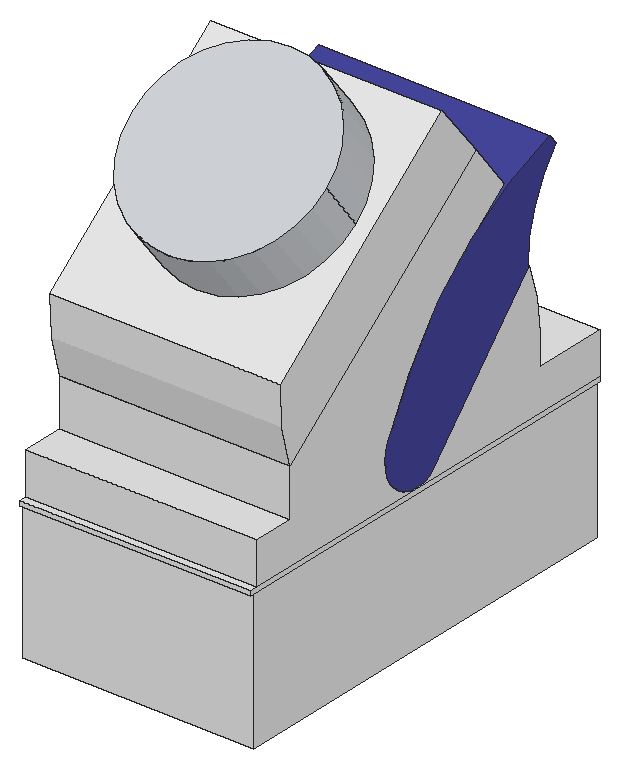
Revit family "Building-ConnessioniIEC309-GEWISS-COMBIBLOC-PRESE-INTERBLOCCATE_IP44", category Apparecchi elettrici, host Superficie, Revit 2019
Family settings
  Host = Superficie
  Mantenere orientamento annotazione = Sì
  Quota connettore circolare = Usa diametro
  Tipo di parte = Normale
  Taglio con vuoti quando caricato = No
  Condiviso = No
  Punto di calcolo locali = Sì
Parameters (values of type "GW66420 - COMBIBLOC C.F.IP44 3P+N+T 32A 400V 6H")
  visibilita posizionamento 2d [instance] = yes
  simbolo acceso [instance] = yes
  oggetto in pianta [instance] = not(visibilita posizionamento 2d)  # no
  distanza_simbolo [instance] = 1 mm
  distanza dal piano [instance] = 10 mm
  W = 115 mm  # constant formula
  Voltaggio = 0 V
  Versione file RFA = "21.4"
  VETRO = Vetro
  URL = "https://www.gewiss.com/it/it"
  Tipologia = "Compatta"
  Termopressione con biglia = "125 °C (Parti attive) - 80 °C (Parti passive)"
  Tensione nominale = "380-415V"
  Temperatura di utilizzo = "-25 +40 °C"
  Spostamento_effettivo_S [instance] = 4000 mm - Spostamento_S  # 2500 mm
  Spostamento_S = 1500 mm
  Simbolo circuito [instance] = not(simbolo acceso)  # no
  Scheda Tecnica = "https://www.gewiss.com/it/it/search?q=GW66420"
  STRUTTURA ALTA = blue
  STRUTTURA = RAL - 7035
  SEO = "Presa interbloccata"
  Riferimento h = "6"
  Resistenza agli urti = "IK08"
  Protezione = "NO (SBF)"
  Default Elevation = 1219.2 mm
  Produttore = "GEWISS S.p.A."
  PRESA = Giallo
  POMELLO = bianco
  N.poli = 1
  N. poli = "3P+N+T"
  Modello = "GW66420"
  L = 155 mm  # constant formula
  Immagine tipo = COMBIBLOC44Fondo.jpg
  IDT = "5f0ae1981d6d44abab9cf411e87918d1"
  IDF = "30b8ffdf-9bd3-4092-bfeb-7357e213d0d1"
  Grado di protezione = "IP44"
  Glow wire test: = "850 °C (Parti attive) - 650 °C (Parti passive)"
  Frequenza = "50/60 Hz"
  FORMULA = 1000 mm * 1  # 1000 mm
  Descrizione = "COMBIBLOC C.F.IP44 3P+N+T 32A 400V 6H"
  Creato da GEWISS S.p.A. = ""
  Corrente nominale (A) = "32"
  Con fondo = "Si"
  Colore: = "Rosso"
  Codice Electrocod = "2220"
  Catalogo = "BUILDING"
  COBie.Tagnumber = ""
  COBie.CreatedOn = ""
  COBie.CreatebBy = ""
  COBie.ComponentRegisterItemID = ""
  COBie.Component.TagNumber = ""
  COBie.Component.Space = ""
  COBie.Component.SerialNumber = ""
  COBie.Component.InstallationDate = ""
  COBie.Component.Description = ""
  COBie.Component.BarCode = ""
  BLOCCO = "B=C"
Types (18, lengths in mm): name | Tensione nominale | Scheda Tecnica | Riferimento h | N. poli | Modello | IDT | Descrizione | Corrente nominale (A) | Colore:
  GW66401 - COMBIBLOC C.F.IP44 2P+T 16A 110V 4H | "100-130V" | "https://www.gewiss.com/it/it/search?q=GW66401" | "4" | "2P+T" | "GW66401" | "22bf0babce454bb480f483bc429d381f" | "COMBIBLOC C.F.IP44 2P+T 16A 110V 4H" | "16" | "Giallo"
  GW66402 - COMBIBLOC C.F.IP44 3P+T 16A 110V 4H | "100-130V" | "https://www.gewiss.com/it/it/search?q=GW66402" | "4" | "3P+T" | "GW66402" | "8ebfc1b586fa446db47272a11f8f320e" | "COMBIBLOC C.F.IP44 3P+T 16A 110V 4H" | "16" | "Giallo"
  GW66403 - COMBIBLOC C.F.IP44 3P+N+T 16A 110V 4H | "100-130V" | "https://www.gewiss.com/it/it/search?q=GW66403" | "4" | "3P+N+T" | "GW66403" | "7faec69caf6c45e190af348830bb871c" | "COMBIBLOC C.F.IP44 3P+N+T 16A 110V 4H" | "16" | "Giallo"
  GW66404 - COMBIBLOC C.F.IP44 2P+T 16A 230V 6H | "200-250V" | "https://www.gewiss.com/it/it/search?q=GW66404" | "6" | "2P+T" | "GW66404" | "0a4a1d563f9b4997a65f31662efdbb7f" | "COMBIBLOC C.F.IP44 2P+T 16A 230V 6H" | "16" | "Blu"
  GW66405 - COMBIBLOC C.F.IP44 3P+T 16A 230V 9H | "200-250V" | "https://www.gewiss.com/it/it/search?q=GW66405" | "9" | "3P+T" | "GW66405" | "8acfa59c6bba4050b7a79a8046109eff" | "COMBIBLOC C.F.IP44 3P+T 16A 230V 9H" | "16" | "Blu"
  GW66406 - COMBIBLOC C.F.IP44 3P+N+T 16A 230V 9H | "200-250V" | "https://www.gewiss.com/it/it/search?q=GW66406" | "9" | "3P+N+T" | "GW66406" | "8a1e610acfe640a28e382b85c5fcb5d6" | "COMBIBLOC C.F.IP44 3P+N+T 16A 230V 9H" | "16" | "Blu"
  GW66407 - COMBIBLOC C.F.IP44 2P+T 16A 400V 9H | "380-415V" | "https://www.gewiss.com/it/it/search?q=GW66407" | "9" | "2P+T" | "GW66407" | "780f76448afd40409b1cc483600eae85" | "COMBIBLOC C.F.IP44 2P+T 16A 400V 9H" | "16" | "Rosso"
  GW66408 - COMBIBLOC C.F.IP44 3P+T 16A 400V 6H | "380-415V" | "https://www.gewiss.com/it/it/search?q=GW66408" | "6" | "3P+T" | "GW66408" | "bc44cfac08b24d38a375696a35ec6e86" | "COMBIBLOC C.F.IP44 3P+T 16A 400V 6H" | "16" | "Rosso"
  GW66409 - COMBIBLOC C.F.IP44 3P+N+T 16A 400V 6H | "380-415V" | "https://www.gewiss.com/it/it/search?q=GW66409" | "6" | "3P+N+T" | "GW66409" | "35119125c5c84e868044faa6b178d73a" | "COMBIBLOC C.F.IP44 3P+N+T 16A 400V 6H" | "16" | "Rosso"
  GW66412 - COMBIBLOC C.F.IP44 2P+T 32A 110V4H | "100-130V" | "https://www.gewiss.com/it/it/search?q=GW66412" | "4" | "2P+T" | "GW66412" | "c10c77a8f6c34f94996128e68b5eb84d" | "COMBIBLOC C.F.IP44 2P+T 32A 110V4H" | "32" | "Giallo"
  GW66413 - COMBIBLOC C.F.IP44 3P+T 32A 110V 4H | "100-130V" | "https://www.gewiss.com/it/it/search?q=GW66413" | "4" | "3P+T" | "GW66413" | "32fed839c1d4447fa2417f8e09349cb2" | "COMBIBLOC C.F.IP44 3P+T 32A 110V 4H" | "32" | "Giallo"
  GW66414 - COMBIBLOC C.F.IP44 3P+N+T 32A 110V 4H | "100-130V" | "https://www.gewiss.com/it/it/search?q=GW66414" | "4" | "3P+N+T" | "GW66414" | "2e50ece5a8044b13a8906b610f5d3976" | "COMBIBLOC C.F.IP44 3P+N+T 32A 110V 4H" | "32" | "Giallo"
  GW66415 - COMBIBLOC C.F.IP44 2P+T 32A 230V 6H | "200-250V" | "https://www.gewiss.com/it/it/search?q=GW66415" | "6" | "2P+T" | "GW66415" | "2f98e8b6ec0d4d2b87f15bb2fb2f1203" | "COMBIBLOC C.F.IP44 2P+T 32A 230V 6H" | "32" | "Blu"
  GW66416 - COMBIBLOC C.F.IP44 3P+T 32A 230V 9H | "200-250V" | "https://www.gewiss.com/it/it/search?q=GW66416" | "9" | "3P+T" | "GW66416" | "85952252d72745bb8f018c28cabab399" | "COMBIBLOC C.F.IP44 3P+T 32A 230V 9H" | "32" | "Blu"
  GW66417 - COMBIBLOC C.F.IP44 3P+N+T 32A 230V 9H | "200-250V" | "https://www.gewiss.com/it/it/search?q=GW66417" | "9" | "3P+N+T" | "GW66417" | "f70bc6e1baf94dabbc19a98f7c2b5677" | "COMBIBLOC C.F.IP44 3P+N+T 32A 230V 9H" | "32" | "Blu"
  GW66418 - COMBIBLOC C.F.IP44 2P+T 32A 400V 9H | "380-415V" | "https://www.gewiss.com/it/it/search?q=GW66418" | "9" | "2P+T" | "GW66418" | "0912e93ec8754a71bfe4731f6d58cb5e" | "COMBIBLOC C.F.IP44 2P+T 32A 400V 9H" | "32" | "Rosso"
  GW66419 - COMBIBLOC C.F.IP44 3P+T 32A 400V 6H | "380-415V" | "https://www.gewiss.com/it/it/search?q=GW66419" | "6" | "3P+T" | "GW66419" | "5349e726c84f4d7fb9415b6655b523f3" | "COMBIBLOC C.F.IP44 3P+T 32A 400V 6H" | "32" | "Rosso"
  GW66420 - COMBIBLOC C.F.IP44 3P+N+T 32A 400V 6H | "380-415V" | "https://www.gewiss.com/it/it/search?q=GW66420" | "6" | "3P+N+T" | "GW66420" | "5f0ae1981d6d44abab9cf411e87918d1" | "COMBIBLOC C.F.IP44 3P+N+T 32A 400V 6H" | "32" | "Rosso"
Reference planes
  plane 1 "Centro (Fronte/Retro)": y = 0
  plane 2: z = 0
  plane 3 "Centro (Sinistra/Destra)": x = 0
  plane 4: x = -3000
  plane 5: x = -500
  plane 6: z = 10
Lines and regions (mm)
  symbolic lines, visible <- "visibilita posizionamento 2d"
    curve 1: line (0, 0, 10) -> (0, 0, 155)
    curve 2: line (0, 0, 155) -> (71, 0, 155)
    curve 3: line (71, 0, 155) -> (71, 0, 10)
    curve 4: line (0, 0, 10) -> (71, 0, 10)
  symbolic lines, visible <- "visibilita posizionamento 2d", not visible
    curve 5: line (0, 0, 0) -> (0, 0, 145)
    curve 6: line (0, 0, 145) -> (71, 0, 145)
    curve 7: line (71, 0, 145) -> (71, 0, 0)
    curve 8: line (0, 0, 0) -> (71, 0, 0)
Dimensions and locks
  plane 4 to plane 3 "Centro (Sinistra/Destra)" = 3000 mm
  "Spostamento_effettivo_S": plane 4 to plane 5
  "distanza dal piano": plane 6 to plane 2
  aligned and locked: plane 2 to host face
  aligned and locked: level to host face
  aligned and locked: nested 1 to plane 5
  aligned and locked: curve 4 to plane 6
  aligned and locked: plane 5 to nested 2
  aligned and locked: plane 3 "Centro (Sinistra/Destra)" to nested 3
Automatic sketch dimensions
  host sketch curve to host sketch curve = 2438.4 mm  (x2)
  curve 1 to curve 3 = 71 mm
  curve 3 to curve 3 = 145 mm
  curve 5 to curve 7 = 71 mm
  curve 7 to curve 7 = 145 mm
Nested families
  nested 1: "PRESAINDPFUS" at (-500, 247.795, 0), SIMBOLO ACCESO <- "simbolo acceso", Distanza dal muro <- "distanza_simbolo", visible <- "simbolo acceso", type "3P"
    with SIMBOLO ACCESO yes, Distanza dal muro 1 mm, BORDO ACCESO yes
  nested 2: "simbolo_circuitoGW66201N" at (-499.076, 249.682, 0), Distanza dal muro <- "distanza_simbolo", visible <- "Simbolo circuito", type "3P"
    with SIMBOLO ACCESO yes, Distanza dal muro 1 mm, BORDO ACCESO yes
  nested 3: "COMBIBLOC S.F.IP44 2P+T 16A 110V 4H.rfa_BASE" at (0, -8.089, 0), type "COMBIBLOC S.F.IP44 2P+T 16A 110V 4H.rfa_BASE"
Definition of nested family "COMBIBLOC S.F.IP44 2P+T 16A 110V 4H.rfa_BASE"
  Parameters (values of type "COMBIBLOC S.F.IP44 2P+T 16A 110V 4H.rfa_BASE")
    CENTRALE = none
  Reference planes
    plane 1 "Centro (Fronte/Retro)": y = 0
    plane 2: z = 0
    plane 3 "Centro (Sinistra/Destra)": x = 0
    plane 4 "EEE": through (4267.2, -291.041, 143.375) normal (0, -0.788, -0.6157)
    plane 5: x = 71
    plane 6: x = 51
    plane 7: x = 48
  Forms (mm)
    Extrusion 1, solid
      sketch origin (0, -203.338, -194.725) x (0, 0, -1) y (0, 1, 0)
        loop
          line (-194.725, 132.823) -> (-194.725, 264.821) -> (-237.225, 264.821) -> (-237.225, 132.823) -> (-194.725, 132.823)
      from 0 to 71
    Extrusion 2, solid
      sketch origin (0, -203.338, -194.725) x (0, 0, -1) y (0, 1, 0)
        loop
          line (-322.202, 218.222) -> (-266.481, 146.902) -> (-251.685, 146.876) -> (-251.685, 134.073) -> (-238.63, 134.073) -> (-238.63, 266.073) -> (-251.685, 266.073) -> (-251.685, 242.988) -> (-260.817, 242.988)
          arc (-260.817, 242.988) -> (-271.303, 241.907) -> (-281.357, 238.739) r 51.89
          line (-281.357, 238.739) -> (-239.989, 200.756)
          arc (-239.989, 200.756) -> (-243.657, 186.196) -> (-258.66, 185.608) r 12.53
          arc (-258.66, 185.608) -> (-277.82, 196.415) -> (-294.049, 211.266) r 96.883
          arc (-294.049, 211.266) -> (-301.135, 220.206) -> (-308.19, 229.17) r 3334.308
          line (-308.19, 229.17) -> (-322.202, 218.222)
      from 0 to 71
    Extrusion 3, solid
      sketch origin (0, -203.338, -194.725) x (0, 0, -1) y (0, 1, 0)
        loop
          arc (-313.71, 246.882) -> (-293.021, 210.103) -> (-258.66, 185.608) r 96.883
          arc (-258.66, 185.608) -> (-243.657, 186.196) -> (-239.989, 200.756) r 12.53
          line (-239.989, 200.756) -> (-280.857, 238.28)
          arc (-280.857, 238.28) -> (-296.734, 241.043) -> (-310.55, 249.339) r 43.984
          line (-310.55, 249.339) -> (-313.71, 246.882)
      from 0 to 71
    Extrusion 4, solid
      sketch origin (0, -203.338, -194.725) x (0, 0, -1) y (0, 1, 0)
        loop
          line (-322.202, 218.222) -> (-338.825, 205.235) -> (-290.465, 143.337)
          arc (-290.465, 143.337) -> (-278.287, 143.866) -> (-266.482, 146.903) r 58.569
          line (-266.482, 146.903) -> (-322.202, 218.222)
      from 0 to 71
    Extrusion 5, solid
      sketch origin (2.5, -229.189, -136.882) x (0, -0.788011, -0.615661) y (1, 0, 0)
        loop
          circle (-320.903, 33.712) r 30
      from 79.145 to 97.62
    Extrusion 6, solid
      sketch origin (0, 52.766, 5.365) x (0, 0, -1) y (0, 1, 0)
        loop
          line (-38.54, 9.97) -> (-38.54, -124.428) -> (-37.165, -124.428) -> (-37.165, 9.97) -> (-38.54, 9.97)
      from 0 to 71
    Extrusion 7, solid, not visible
      sketch origin (0, 200.09, -256.103) x (0, 1, 0) y (0, 0, 1)
        loop
          line (-194.725, 132.823) -> (-194.725, 264.821) -> (-237.225, 264.821) -> (-237.225, 132.823) -> (-194.725, 132.823)
      from 0 to 71
    Extrusion 8, solid, not visible
      sketch origin (0, 200.09, -256.103) x (0, 1, 0) y (0, 0, 1)
        loop
          line (-322.202, 218.222) -> (-266.481, 146.902) -> (-251.685, 146.876) -> (-251.685, 134.073) -> (-238.63, 134.073) -> (-238.63, 266.073) -> (-251.685, 266.073) -> (-251.685, 242.988) -> (-260.817, 242.988)
          arc (-260.817, 242.988) -> (-271.303, 241.907) -> (-281.357, 238.739) r 51.89
          line (-281.357, 238.739) -> (-239.989, 200.756)
          arc (-239.989, 200.756) -> (-243.657, 186.196) -> (-258.66, 185.608) r 12.53
          arc (-258.66, 185.608) -> (-277.82, 196.415) -> (-294.049, 211.266) r 96.883
          arc (-294.049, 211.266) -> (-301.135, 220.206) -> (-308.19, 229.17) r 3334.308
          line (-308.19, 229.17) -> (-322.202, 218.222)
      from 0 to 71
    Extrusion 9, solid, not visible
      sketch origin (0, 200.09, -256.103) x (0, 1, 0) y (0, 0, 1)
        loop
          arc (-313.71, 246.882) -> (-293.021, 210.103) -> (-258.66, 185.608) r 96.883
          arc (-258.66, 185.608) -> (-243.657, 186.196) -> (-239.989, 200.756) r 12.53
          line (-239.989, 200.756) -> (-280.857, 238.28)
          arc (-280.857, 238.28) -> (-296.734, 241.043) -> (-310.55, 249.339) r 43.984
          line (-310.55, 249.339) -> (-313.71, 246.882)
      from 0 to 71
    Extrusion 10, solid, not visible
      sketch origin (0, 200.09, -256.103) x (0, 1, 0) y (0, 0, 1)
        loop
          line (-322.202, 218.222) -> (-338.825, 205.235) -> (-290.465, 143.337)
          arc (-290.465, 143.337) -> (-278.287, 143.866) -> (-266.482, 146.903) r 58.569
          line (-266.482, 146.903) -> (-322.202, 218.222)
      from 0 to 71
    Extrusion 11, solid, not visible
      sketch origin (2.5, 142.247, -281.955) x (0, 0.615661, -0.788011) y (1, 0, 0)
        loop
          circle (-320.903, 33.712) r 30
      from 79.145 to 97.62
    Extrusion 12, solid, not visible
      sketch origin (0, 0, 0) x (0, 1, 0) y (0, 0, 1)
        loop
          line (-38.54, 9.97) -> (-38.54, -124.428) -> (-37.165, -124.428) -> (-37.165, 9.97) -> (-38.54, 9.97)
      from 0 to 71
  Dimensions and locks
    plane 3 "Centro (Sinistra/Destra)" to plane 5 = 71 mm
    locked: plane 7 to plane 6 at 3
    aligned and locked: level to plane 2
    aligned and locked: Extrusion 1 to plane 5
    aligned and locked: Extrusion 1 to Extrusion 2
    aligned and locked: Extrusion 3 to Extrusion 1
    aligned and locked: Extrusion 4 to Extrusion 1
    aligned and locked: Extrusion 1 to Extrusion 6
    aligned and locked: Extrusion 5 to Extrusion 4
    aligned and locked: Extrusion 11 to Extrusion 10
Definition of nested family "PRESAINDPFUS"
  Parameters (values of type "2P")
    SIMBOLO ACCESO [instance] = yes
    SIMBOLO = PRESAINDPFUS_BASE : 2P
    Distanza dal muro [instance] = 0 mm
    BORDO ACCESO [instance] = yes
  Types (2, lengths in mm): name | SIMBOLO
    2P | PRESAINDPFUS_BASE : 2P
    3P | PRESAINDPFUS_BASE : 3P
  Reference planes
    plane 1: y = 0
    plane 2: x = 0
  Dimensions and locks
    "Distanza dal muro": plane 1 to nested 1
    aligned and locked: plane 2 to nested 1
  Nested families
    nested 1: "PRESAINDPFUS_BASE" at (0, 0, 0), type <- "SIMBOLO", CORNICE SIMBOLO <- "BORDO ACCESO", visible <- "SIMBOLO ACCESO", type "2P"
  Definition of nested family "PRESAINDPFUS_BASE"
    Parameters (values of type "3P")
      CORNICE SIMBOLO [instance] = yes
      3P = yes
    Types (2, lengths in mm): name | 3P
      3P | yes
      2P | no
    Reference planes
      plane 1: y = 0
      plane 2: x = 0
    Lines and regions (mm)
      detail lines, visible <- "CORNICE SIMBOLO"
        curve 1: line (-0.9, 2.4, 0) -> (0.9, 2.4, 0)
        curve 2: line (0.9, 2.4, 0) -> (0.9, 0.1, 0)
        curve 3: line (0.9, 0.1, 0) -> (-0.9, 0.1, 0)
        curve 4: line (-0.9, 0.1, 0) -> (-0.9, 2.4, 0)
      detail lines, not visible
        curve 5: line (-2.443, 10.208, 0) -> (2.057, 10.208, 0)
        curve 6: line (2.057, 10.208, 0) -> (2.057, 4.208, 0)
        curve 7: line (2.057, 4.208, 0) -> (-2.443, 4.208, 0)
        curve 8: line (-2.443, 4.208, 0) -> (-2.443, 10.208, 0)
        curve 9: line (-2.043, 9.808, 0) -> (1.657, 9.808, 0)
        curve 10: line (1.657, 9.808, 0) -> (1.657, 4.608, 0)
        curve 11: line (1.657, 4.608, 0) -> (-2.043, 4.608, 0)
        curve 12: line (-2.043, 4.608, 0) -> (-2.043, 9.808, 0)
      detail lines
        curve 13: line (-0.45, 1.069, 0) -> (-0.167, 1.069, 0)
        curve 14: line (-0.167, 1.069, 0) -> (0.33, 1.929, 0)
        curve 15: line (0.33, 1.929, 0) -> (0.836, 1.636, 0)
        curve 16: line (-0.167, 1.069, 0) -> (-0.45, 0.578, 0)
        curve 17: line (-0.45, 0.578, 0) -> (-0.45, 2.341, 0)
        curve 18: line (0.135, 1.591, 0) -> (0.641, 1.299, 0)
        curve 19: line (-0.84, 0.578, 0) -> (-0.06, 0.578, 0)
        curve 20: line (-0.45, 0.952, 0) -> (-0.333, 1.069, 0)
        curve 21: line (-0.45, 0.883, 0) -> (-0.264, 1.069, 0)
        curve 22: line (-0.45, 0.814, 0) -> (-0.195, 1.069, 0)
        curve 23: line (-0.45, 0.745, 0) -> (-0.223, 0.972, 0)
        curve 24: line (-0.45, 0.676, 0) -> (-0.317, 0.809, 0)
        curve 26: arc (-0.84, 0.189, 0) -> (-0.45, 0.578, 0) -> (-0.06, 0.189, 0) r 0.39
        curve 27: line (-0.608, 1.243, 0) -> (-0.608, 2.064, 0)
        curve 28: line (-0.608, 2.064, 0) -> (-0.292, 2.064, 0)
        curve 29: line (-0.292, 2.064, 0) -> (-0.292, 1.243, 0)
        curve 30: line (-0.292, 1.243, 0) -> (-0.608, 1.243, 0)
      detail lines, visible <- "3P"
        curve 25: line (-0.06, 1.254, 0) -> (0.446, 0.961, 0)
Definition of nested family "simbolo_circuitoGW66201N"
  Parameters (values of type "3P")
    SIMBOLO ACCESO [instance] = yes
    SIMBOLO = PRESAINDSTAGNA_BASE : 3P
    Distanza dal muro [instance] = 0 mm
    BORDO ACCESO [instance] = yes
  Reference planes
    plane 1: y = 0
    plane 2: x = 0
  Dimensions and locks
    "Distanza dal muro": plane 1 to nested 1
    aligned and locked: plane 2 to nested 1
  Nested families
    nested 1: "GW66201N-simb_base_di circuito" at (0, 0, 0), visible <- "SIMBOLO ACCESO", type "3P"
      with CORNICE SIMBOLO yes
  Definition of nested family "GW66201N-simb_base_di circuito"
    Parameters (values of type "3P")
      CORNICE SIMBOLO [instance] = yes
      3P = yes
    Types (2, lengths in mm): name | 3P
      3P | yes
      2P | no
    Reference planes
      plane 1: y = 0
      plane 2: x = 0
    Lines and regions (mm)
      detail lines, not visible
        curve 1: line (-2.443, 10.208, 0) -> (2.057, 10.208, 0)
        curve 2: line (2.057, 10.208, 0) -> (2.057, 4.208, 0)
        curve 3: line (2.057, 4.208, 0) -> (-2.443, 4.208, 0)
        curve 4: line (-2.443, 4.208, 0) -> (-2.443, 10.208, 0)
        curve 5: line (-2.043, 9.808, 0) -> (1.657, 9.808, 0)
        curve 6: line (1.657, 9.808, 0) -> (1.657, 4.608, 0)
        curve 7: line (1.657, 4.608, 0) -> (-2.043, 4.608, 0)
        curve 8: line (-2.043, 4.608, 0) -> (-2.043, 9.808, 0)
    Dimensions and locks
      aligned and locked: import instance to plane 2
      aligned and locked: plane 1 to import instance
